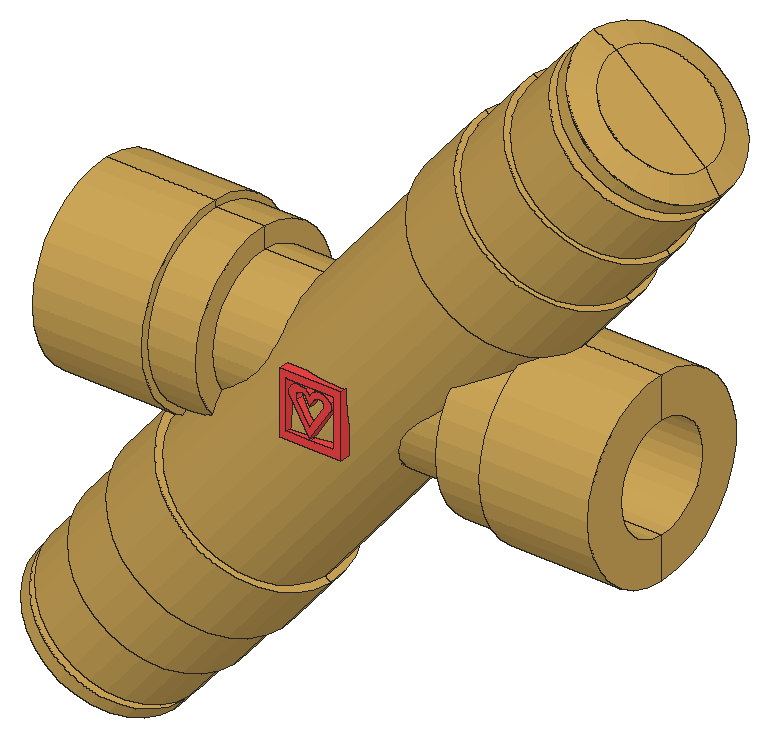
Revit family "Zirkulationstemperaturbegrenzer 4011", category Rohrzubehör, Revit 2021
Family settings
  Bemaßung runder Anschluss = Durchmesser verwenden
  Teiletyp = Unterbricht
  OmniClass-Nummer = 23.65.55.14
  OmniClass-Titel = Valves for Liquid Services
  Arbeitsebenenbasiert = Nein
  Immer vertikal = Ja
  Beim Laden mit Abzugskörper schneiden = Nein
  Gemeinsam genutzt = Nein
Parameters (values of type "Werkseinstellung 52 und 70°C")
  Werkseinstellung Temperatur [instance] = if([52_70], "52 - 70°C", if([55_70], "55 - 70°C", if([58_70], "58 - 70°C", "0")))  # "52 - 70°C"
  W03 = 25.00°  # constant formula
  W02 = 15.00°  # constant formula
  W01 = 50.00°  # constant formula
  Vorgabe-Ansicht = 0.000 mm
  URL = "www.herz-armaturen.at"
  Sitz, Kegel, Feder = "Edelstahl"  # constant formula
  SC_NennweiteBerechnet = 0
  SC_Dimension = ""
  SCTWSEQ = "AW;SBT_TYP_AW=\"104\";2"
  SCTWCODE = "04;26;02"  # constant formula
  S06 = 40.000 mm  # constant formula
  S05 = 15.000 mm  # constant formula
  S04 = 20.000 mm  # constant formula
  S03 = 60.000 mm  # constant formula
  S02 [instance] = S01 + 5.000 mm  # 11.750 mm
  S01 [instance] = D01 / 2  # 6.750 mm
  R01 = 5.000 mm  # constant formula
  Nennweite [instance] = 15.000 mm
  Medium = "Trinkwasser"  # constant formula
  Max. Betriebstemperatur = 80 °C  # constant formula
  Max. Betriebsdruck = 1000000.0 Pa  # constant formula
  L09 = 4.500 mm  # constant formula
  L08 = 1.500 mm  # constant formula
  L07 [instance] = L03 + L05 + L06  # 58.400 mm
  L06 [instance] = size_lookup("4011_0X_", "L6", 1.000 mm, Nennweite)  # 8.900 mm
  L05 [instance] = size_lookup("4011_0X_", "L5", 1.000 mm, Nennweite)  # 10.000 mm
  L04 [instance] = size_lookup("4011_0X_", "L4", 1.000 mm, Nennweite)  # 11.000 mm
  L03 [instance] = size_lookup("4011_0X_", "L3", 1.000 mm, Nennweite)  # 39.500 mm
  L02 [instance] = size_lookup("4011_0X_", "L2", 1.000 mm, Nennweite)  # 23.000 mm
  L01 [instance] = size_lookup("4011_0X_", "L1", 1.000 mm, Nennweite)  # 15.900 mm
  L00 [instance] = size_lookup("4011_0X_", "L", 1.000 mm, Nennweite)  # 81.000 mm
  IG [instance] = Nennweite / 2  # 7.500 mm
  Hinweis = "Gemäß Art 33 der REACH-Verordnung (EG Nr. 1907/2006) sind wir verpflichtet, darauf hinzuweisen, dass der Stoff Blei auf der SVHC-Liste geführt wird und dass alle aus Messing bestehenden Bauteile, die in unseren Erzeugnissen verarbeitet sind, mehr als 0,1 % (w/w) Blei (CAS: 7439-92-1 / EINECS: 231-100-4) enthalten.\r\nDa Blei als Legierungsbestandteil fest gebunden ist, sind keine Expositionen zu erwarten und daher sind keine zusätzlichen Angaben zur sicheren Verwendung notwendig."
  Hersteller = "HERZ Armaturen Ges.m.b.H."  # constant formula
  Gehäuse = "CC770S"  # constant formula
  GT [instance] = size_lookup("4011_0X_", "GT", 1.000 mm, Nennweite)  # 12.000 mm
  Funktionsweise = "Der HERZ-Zirkulationstemperaturbegrenzer ist ein thermostatisches Drosselventil für Trinkwassersysteme mit Umwälzpumpe, in Form eines Proportionalreglers ohne Hilfsenergie.\r\nDie Mediumstemperatur der Zirkulationsleitung wird geregelt und automatisch für die Verteilung des Warmwassers bei mehreren Strängen (soweit vorhanden) gesorgt.\r\n\r\nDie zirkulierende Wassermenge wird auf die jeweils erforderliche Menge zur Konstanthaltung der Temperatur begrenzt und die Zirkulationsverluste werden minimiert.\r\nDie Armatur ist ebenfalls für die Legionellenspülung des Systems einzusetzen.\r\nDie zirkulierende Wassermenge wird bei der Spülung wieder auf die ausgelegte Wassermenge erhöht.\r\n\r\nDer Ventilsitz im Gehäuse wird vom Ventilkegel geöffnet oder geschlossen.\r\nDer Kegel wird bei steigender Temperatur vom Thermostatelement langsam und stetig, ohne Druckstöße, in Richtung „zu“ bewegt und bei fallender Temperatur von einer Öffnungsfeder gegen das Thermostatelement geöffnet.\r\nDas Ausdehnungsmedium im Inneren des Thermostatelements wandelt die Temperaturänderung in eine Wegänderung um.\r\nBei thermischer Desinfektion wird mittels des zweiten Thermostatelements das erste übersteuert, sodass wieder der komplette Duchfluss an der Armatur zur Verfügung steht.\r\n\r\nBauart bedingt ist bei der Armatur eine Leckmenge von ca. 0,65 l/min bei ca. 10 kPa Differenzdruck zu berücksichtigen."
  Kegel für Oberteil, Oberteil, Kappe = "CW725N"  # constant formula
  Dichtungen = "EPDM entsprechend KTW"  # constant formula
  D10 = 12.000 mm  # constant formula
  D09 = 9.200 mm  # constant formula
  D08 = 8.500 mm  # constant formula
  D07 [instance] = size_lookup("4011_0X_", "D7", 1.000 mm, Nennweite)  # 13.000 mm
  D06 [instance] = size_lookup("4011_0X_", "D6", 1.000 mm, Nennweite)  # 12.200 mm
  D05 [instance] = size_lookup("4011_0X_", "D5", 1.000 mm, Nennweite)  # 12.750 mm
  D04 [instance] = size_lookup("4011_0X_", "D4", 1.000 mm, Nennweite)  # 13.750 mm
  D03 [instance] = size_lookup("4011_0X_", "D3", 1.000 mm, Nennweite)  # 9.500 mm
  D02 [instance] = size_lookup("4011_0X_", "D2", 1.000 mm, Nennweite)  # 12.500 mm
  D01 [instance] = size_lookup("4011_0X_", "D1", 1.000 mm, Nennweite)  # 13.500 mm
  Bestellnummer [instance] = if(and([52_70], Nennweite = 15.000 mm), 2401101, if(and([52_70], Nennweite = 20.000 mm), 2401102, if(and([55_70], Nennweite = 15.000 mm), 2401111, if(and([55_70], Nennweite = 20.000 mm), 2401112, if(and([58_70], Nennweite = 15.000 mm), 2401117, if(and([58_70], Nennweite = 20.000 mm), 2401118, 0))))))  # 2401101
  Ausführung = "HERZ-Zirkulationstemperaturbegrenzer, Schrägsitz in gelber Ausführung, Gehäuse und wasserführende Teile aus Messing, Sitz, Kegel, Federn aus nichtrostendem Chrom-Nickel Stahl.\r\nO-Ringe EPDM nach KTW.\r\nMuffengewinde gemäß ISO 7/1 (Rp).\r\nAusführung mit zwei Fühlern."
  58_70 = no
  55_70 = no
  52_70 = yes
Types (4, lengths in mm): name | Werkseinstellung Temperatur | S02 | S01 | Nennweite | L07 | L06 | L05 | L04 | L03 | L02 | L01 | L00 | IG | GT | D07 | D06 | D05 | D04 | D03 | D02 | D01 | Bestellnummer | 58_70 | 55_70 | 52_70
  (no name) | "52 - 70°C" | 11.750 | 6.750 | 15.000 | 58.400 | 8.900 | 10.000 | 11.000 | 39.500 | 23.000 | 15.900 | 81.000 | 7.500 | 12.000 | 13.000 | 12.200 | 12.750 | 13.750 | 9.500 | 12.500 | 13.500 | 2401101 | no | no | yes
  Werkseinstellung 52 und 70°C | "52 - 70°C" | 11.750 | 6.750 | 15.000 | 58.400 | 8.900 | 10.000 | 11.000 | 39.500 | 23.000 | 15.900 | 81.000 | 7.500 | 12.000 | 13.000 | 12.200 | 12.750 | 13.750 | 9.500 | 12.500 | 13.500 | 2401101 | no | no | yes
  Werkseinstellung 55 und 70°C | "55 - 70°C" | 13.000 | 8.000 | 20.000 | 60.700 | 4.500 | 6.200 | 10.000 | 50.000 | 20.500 | 17.000 | 102.000 | 10.000 | 16.300 | 15.000 | 13.500 | 15.500 | 16.500 | 13.000 | 15.000 | 16.000 | 2401112 | no | yes | no
  Werkseinstellung 58 und 70°C | "58 - 70°C" | 13.000 | 8.000 | 20.000 | 60.700 | 4.500 | 6.200 | 10.000 | 50.000 | 20.500 | 17.000 | 102.000 | 10.000 | 16.300 | 15.000 | 13.500 | 15.500 | 16.500 | 13.000 | 15.000 | 16.000 | 2401118 | yes | no | no
Reference planes
  plane 1 "Mitte (Vorne/hinten)": y = 0
  plane 2: z = 0
  plane 3 "Mitte (Links/rechts)": x = 0
Forms (mm)
  Revolve 1, solid, material "Messing, weicher Gelbton, geschweißt", detail levels fine
    sketch origin (0, 0, 0) x (1, 0, 0) y (0, 0, 1)
      loop
        line (-28.5, 0) -> (28.5, 0) -> (28.5, 7.5) -> (40.5, 7.5) -> (40.5, 13.5) -> (24.6, 13.5) -> (24.6, 12.5) -> (17.5, 12.5) -> (17.5, 9.5) -> (-17.5, 9.5) -> (-17.5, 12.5) -> (-24.6, 12.5) -> (-24.6, 13.5) -> (-40.5, 13.5) -> (-40.5, 7.5) -> (-28.5, 7.5) -> (-28.5, 0)
      axis (-40.5, 0) -> (40.5, 0)
    angle from 0 to 360
  Revolve 2, solid, material "Messing, weicher Gelbton, geschweißt", detail levels fine
    sketch origin (0, 0, 0) x (1, 0, 0) y (0, 0, 1)
      loop
        line (0, 0) -> (25.39, 30.259) -> (14.857, 39.097) -> (7.786, 30.671) -> (8.552, 30.028) -> (-28.087, -13.637) -> (-28.853, -12.994) -> (-35.923, -21.42) -> (-25.39, -30.259) -> (0, 0)
      axis (25.39, 30.259) -> (-25.39, -30.259)
    angle from 0 to 360
  Revolve 3, solid, material "Messing, weicher Gelbton, geschweißt", detail levels fine
    sketch origin (0, 0, 0) x (1, 0, 0) y (0, 0, 1)
      loop
        line (0, 0) -> (37.539, 44.737) -> (28.193, 52.579) -> (22.472, 45.761) -> (21.859, 46.275) -> (15.432, 38.615) -> (21.56, 33.473) -> (-29.22, -27.045) -> (-35.349, -21.903) -> (-41.777, -29.563) -> (-41.164, -30.077) -> (-46.885, -36.895) -> (-37.539, -44.737) -> (0, 0)
      axis (-37.539, -44.737) -> (37.539, 44.737)
    angle from 0 to 360
  Revolve 4, solid, material "Messing, weicher Gelbton, geschweißt", detail levels fine
    sketch origin (0, 0, 0) x (1, 0, 0) y (0, 0, 1)
      loop
        line (0, 0) -> (40.431, 48.184) -> (33.92, 53.648) -> (30.636, 55.179) -> (29.31, 53.6) -> (31.455, 51.8) -> (30.491, 50.651) -> (33.709, 47.951) -> (-41.369, -41.523) -> (-44.586, -38.823) -> (-45.551, -39.972) -> (-47.696, -38.173) -> (-49.021, -39.752) -> (-46.943, -42.721) -> (-40.431, -48.184) -> (0, 0)
      axis (-40.431, -48.184) -> (40.431, 48.184)
    angle from 0 to 360
Lines and regions (mm)
  model lines, detail levels coarse+medium
    curve 1: line (-40.5, 0, 13.5) -> (-40.5, 0, -13.5)
    curve 2: line (-40.5, 0, -13.5) -> (40.5, 0, 13.5)
    curve 3: line (40.5, 0, 13.5) -> (40.5, 0, -13.5)
    curve 4: line (40.5, 0, -13.5) -> (-40.5, 0, 13.5)
    curve 5: circle (0, 0, 0) r 6.75 normal (0, -1, 0)
    curve 6: line (0, 0, 40) -> (0, 0, 60)
    curve 7: line (-15, 0, 60) -> (15, 0, 60)
    curve 8: line (15, 0, 60) -> (15, 0, 80)
    curve 9: line (15, 0, 80) -> (-15, 0, 80)
    curve 10: line (-15, 0, 80) -> (-15, 0, 60)
    curve 11: line (0, 0, 11.75) -> (13.173, 0, 40)
    curve 12: line (0, 0, 11.75) -> (-13.173, 0, 40)
    curve 13: line (-13.173, 0, 40) -> (13.173, 0, 40)
    curve 14: line (-40.5, 13.5, 0) -> (-40.5, -13.5, 0)
    curve 15: line (-40.5, -13.5, 0) -> (40.5, 13.5, 0)
    curve 16: line (40.5, 13.5, 0) -> (40.5, -13.5, 0)
    curve 17: line (40.5, -13.5, 0) -> (-40.5, 13.5, 0)
    curve 18: circle (0, 0, 0) r 6.75 normal (0, 0, 1)
    curve 19: line (0, 40, 0) -> (0, 60, 0)
    curve 20: line (-15, 60, 0) -> (15, 60, 0)
    curve 21: line (15, 60, 0) -> (15, 80, 0)
    curve 22: line (15, 80, 0) -> (-15, 80, 0)
    curve 23: line (-15, 80, 0) -> (-15, 60, 0)
    curve 24: line (0, 11.75, 0) -> (13.173, 40, 0)
    curve 25: line (0, 11.75, 0) -> (-13.173, 40, 0)
    curve 26: line (-13.173, 40, 0) -> (13.173, 40, 0)
Dimensions and locks
  "L00": Revolve 1 sketch curve to Revolve 1 sketch curve
  equal spacing: Revolve 1 sketch curve, plane 3 "Mitte (Links/rechts)", Revolve 1 sketch curve
  "L01": Revolve 1 sketch curve to Revolve 1 sketch curve  (x2)
  "L02": Revolve 1 sketch curve to Revolve 1 sketch curve  (x2)
  "GT": Revolve 1 sketch curve to Revolve 1 sketch curve  (x2)
  "IG": Revolve 1 sketch curve to plane 2  (x2)
  "D01": Revolve 1 sketch curve to plane 2  (x2)
  "D02": Revolve 1 sketch curve to plane 2  (x2)
  "D03": Revolve 1 sketch curve to Revolve 1 sketch curve
  equal spacing: Revolve 1, Revolve 2 sketch curve, Revolve 1  (x2)
  "L03": Revolve 2 sketch curve to Revolve 2 sketch curve  (x2)
  "L04": Revolve 2 sketch curve to Revolve 2 sketch curve  (x2)
  "D05": nested 1 to plane 1 "Mitte (Vorne/hinten)"
  "D04": Revolve 2 sketch curve to Revolve 2 sketch curve  (x2)
  "D05": Revolve 2 sketch curve to Revolve 2 sketch curve
  "L03": Revolve 3 sketch curve to Revolve 3 sketch curve  (x2)
  "L05": Revolve 3 sketch curve to Revolve 3 sketch curve  (x2)
  "L06": Revolve 3 sketch curve to Revolve 3 sketch curve  (x2)
  "D06": Revolve 3 sketch curve to Revolve 3 sketch curve  (x2)
  "D07": Revolve 3 sketch curve to Revolve 3 sketch curve  (x2)
  "R01": Revolve 3 sketch curve to Revolve 3 sketch curve
  equal spacing: Revolve 1, Revolve 3 sketch curve, Revolve 1
  equal spacing: Revolve 1, Revolve 4 sketch curve, Revolve 1
  "L07": Revolve 4 sketch curve to Revolve 4 sketch curve to Revolve 4 sketch curve
  "L08": Revolve 4 sketch curve to Revolve 4 sketch curve  (x2)
  "L09": Revolve 4 sketch curve to Revolve 4 sketch curve  (x2)
  "D08": Revolve 4 sketch curve to Revolve 4 sketch curve  (x2)
  "D09": Revolve 4 sketch curve to Revolve 4 sketch curve  (x2)
  "D10": Revolve 4 sketch curve to Revolve 4 sketch curve  (x2)
  "R01": Revolve 4 sketch curve to Revolve 4 sketch curve
  equal spacing: curve 1, plane 3 "Mitte (Links/rechts)", curve 3
  "L00": curve 1 to curve 3
  "D01": curve 4 to plane 2 to curve 2
  "D01": curve 3 to plane 2 to curve 4
  equal spacing: Revolve 1, curve 5, Revolve 1
  "S03": curve 6 to plane 2
  "S05": curve 10 to plane 3 "Mitte (Links/rechts)" to curve 8
  "S04": curve 9 to curve 7
  "S06": curve 13 to plane 2
  "S02": curve 12 to plane 2
  equal spacing: curve 14, plane 3 "Mitte (Links/rechts)", curve 16
  "L00": curve 14 to curve 16
  "D01": curve 15 to plane 1 "Mitte (Vorne/hinten)" to curve 17
  "D01": curve 17 to plane 1 "Mitte (Vorne/hinten)" to curve 16
  equal spacing: curve 14, curve 18, curve 16
  "S06": plane 1 "Mitte (Vorne/hinten)" to curve 19
  "S03": plane 1 "Mitte (Vorne/hinten)" to curve 19
  "S05": curve 23 to plane 3 "Mitte (Links/rechts)" to curve 21
  "S04": curve 22 to curve 20
  "S02": plane 1 "Mitte (Vorne/hinten)" to curve 25
  "S01": radius of curve 5
  "S01": radius of curve 18
  "W01": angle plane 2 to Revolve 3 sketch curve
  "W01": angle plane 2 to Revolve 4 sketch curve
  "W02": angle Revolve 4 sketch curve to Revolve 4 sketch curve  (x2)
  "W01": angle plane 2 to Revolve 2 sketch curve
  "W03": angle curve 11 to curve 6 to curve 12
  "W03": angle curve 24 to plane 3 "Mitte (Links/rechts)" to curve 25
  aligned and locked: level to plane 2
Automatic sketch dimensions
  curve 12 to plane 3 "Mitte (Links/rechts)" = 0.000 mm
  curve 6 to plane 3 "Mitte (Links/rechts)" = 0.000 mm
  curve 5 to level = 0.000 mm
  curve 25 to plane 3 "Mitte (Links/rechts)" = 0.000 mm
  curve 19 to plane 3 "Mitte (Links/rechts)" = 0.000 mm
  plane 1 "Mitte (Vorne/hinten)" to curve 18 = 0.000 mm
  Revolve 1 sketch curve to level = 0.000 mm  (x2)
  Revolve 1 sketch curve to Revolve 1 sketch curve = 1466.030 mm
  Revolve 1 sketch curve to Revolve 1 sketch curve = 1798.648 mm
  Revolve 2 sketch curve to level = 0.000 mm  (x2)
  Revolve 3 sketch curve to level = 0.000 mm
  Revolve 3 sketch curve to Revolve 3 sketch curve = 0.000 mm  (x4)
  Revolve 4 sketch curve to level = 0.000 mm
  Revolve 4 sketch curve to Revolve 4 sketch curve = 0.000 mm  (x4)
Nested families
  nested 1: "Herz-Logo-vorne" at (0, -12.75, 0) x (0, 1, 0) z (0, 0, 1), type "Herz-Logo-vorne", detail levels fine
Connectors
  piping at (-28.5, 0, 0), diameter 15, driven by "Nennweite"
    settings: on Revolve 1, index 1, connector inside diameter 609.6 mm, connector length 0.000 mm, flow factor 0, pipe flow 0.0 L/s, pressure drop 0.0 Pa, fitting loss kfactor 0, connector angle 0.00°, fixture units 0, engagement length 0.000 mm, angle of deflection 0.00°, flow configuration 0, flow direction 1, fitting loss method 0, system type 29, joint type 0, gender type 0, connector reference index -1, connector utility 0, adjustable connector no, is connector primary yes, connector description ""
  piping at (28.5, 0, 0), diameter 15, driven by "Nennweite"
    settings: on Revolve 1, index 2, connector inside diameter 609.6 mm, connector length 0.000 mm, flow factor 0, pipe flow 0.0 L/s, pressure drop 0.0 Pa, fitting loss kfactor 0, connector angle 0.00°, fixture units 0, engagement length 0.000 mm, angle of deflection 0.00°, flow configuration 0, flow direction 2, fitting loss method 0, system type 29, joint type 0, gender type 0, connector reference index -1, connector utility 0, adjustable connector no, is connector primary no, connector description ""
Definition of nested family "Herz-Logo-vorne"
  Parameters (values of type "Herz-Logo-vorne")
    Default Elevation = 0.000 mm
  Reference planes
    plane 1 "Mitte (Vorne/hinten)": y = 0
    plane 2: z = 0
    plane 3 "Mitte (Links/rechts)": x = 0
  Forms (mm)
    Extrusion 1, solid
      sketch origin (0.732, -0.018, 0.017) x (0, -1, 0) y (0, 0, 1)
        loop
          line (-0.018, -4.517) -> (4.482, -4.517) -> (4.482, 4.483) -> (-4.518, 4.483) -> (-4.518, -4.517) -> (-0.018, -4.517)
        loop
          line (-0.05, -3.48) -> (3.482, -3.48) -> (3.482, 3.483) -> (-3.518, 3.483) -> (-3.518, -3.48) -> (-0.05, -3.48)
        loop
          arc (-0.018, 2.383) -> (-1.543, 3.287) -> (-3.067, 2.383) r 1.738
          arc (-3.067, 2.383) -> (-3.191, 1.899) -> (-3.067, 1.415) r 1.009
          line (-3.067, 1.415) -> (-0.018, -3.281) -> (3.032, 1.415)
          arc (3.032, 1.415) -> (3.156, 1.899) -> (3.032, 2.383) r 1.009
          arc (3.032, 2.383) -> (1.507, 3.287) -> (-0.018, 2.383) r 1.738
        loop
          arc (1.885, 1.272) -> (2.005, 1.675) -> (1.885, 2.079) r 0.74
          arc (1.885, 2.079) -> (1.265, 2.416) -> (0.644, 2.079) r 0.74
          line (0.644, 2.079) -> (-0.018, 0.97) -> (-0.679, 2.079)
          arc (-0.679, 2.079) -> (-1.3, 2.416) -> (-1.921, 2.079) r 0.74
          arc (-1.921, 2.079) -> (-2.04, 1.675) -> (-1.921, 1.272) r 0.74
          line (-1.921, 1.272) -> (-0.018, -1.658) -> (1.885, 1.272)
      from 0 to 1.5
  Dimensions and locks
    aligned and locked: level to plane 2
